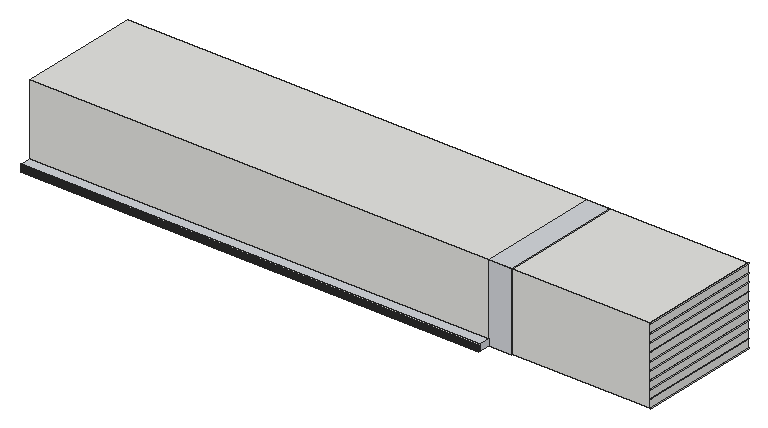
Revit family "НЕВАТОМ_Завеса РVZ-1-800х500-3", category Оборудование, Revit 2017
Family settings
  Размер круглого соединителя = Использовать диаметр
  Тип детали = Нормальный
  На основе рабочей плоскости = Да
  Всегда вертикально = Нет
  При загрузке вырезать с полостями = Нет
  Общий = Нет
  Точка расчета площади = Нет
Parameters (values of type "Завеса PVZ")
  Default Elevation = 1219.2 mm
  Наименование = "НЕВАТОМ_Завеса_Наименование"  # constant formula
  Габариты = "НЕВАТОМ_Завеса_Габариты"  # constant formula
  B = 500 mm
  А [instance] = 800 mm
  l = 150 mm
  b = 500 mm
  a = 800 mm
  L2 = 1050 mm
  L1 [instance] = 3000 mm  # constant formula
  ADSK_Расход воздуха = 6500.0 m³/h
  ADSK_Примечание = ""
  ADSK_Наименование = size_lookup(Наименование, "", "Завеса PVZ-1-600*300-3", ADSK_Расход воздуха)  # "Завеса PVZ-1-800*500-3"
  ADSK_Материал обозначение = "материал корпуса"
  ADSK_Марка = ADSK_Наименование  # "Завеса PVZ-1-800*500-3"
  ADSK_Количество = 1  # constant formula
  ADSK_Код изделия = ""
  ADSK_Завод-изготовитель = "НЕВАТОМ"  # constant formula
  ADSK_Единица измерения = "шт."
Reference planes
  plane 1 "По центру (Вперед/Назад)": y = 0
  plane 2: z = 0
  plane 3 "По центру (Влево/Вправо)": x = 0
  plane 4: y = 400
  plane 5: y = -400
  plane 6: y = 400
  plane 7: y = -400
  plane 8: z = 250
  plane 9: z = -250
  plane 10: z = -250
  plane 11: z = 250
  plane 12: x = -3000
  plane 13: x = 150
  plane 14: x = 1050
Forms (mm)
  Extrusion 1, solid
    sketch origin (0, 0, 0) x (0, 1, 0) y (0, 0, 1)
      loop
        line (400, 250) -> (-400, 250) -> (-400, -250) -> (400, -250) -> (400, 250)
    from 0 to 150
  Extrusion 2, solid, material "Сталь ASTM A441"
    sketch origin (0, 0, 0) x (0, 1, 0) y (0, 0, 1)
      loop
        line (400, 250) -> (-400, 250) -> (-400, -250) -> (400, -250) -> (400, 250)
    from -3000 to 1050
  Extrusion 3, solid
    sketch origin (0, 0, 0) x (1, 0, 0) y (0, 1, 0)
      loop
        line (-3000, -400) -> (-3000, -480) -> (0, -480) -> (0, -400) -> (-3000, -400)
    from -250 to -210.097
Dimensions and locks
  "L1": plane 12 to plane 3 "По центру (Влево/Вправо)"
  "L2": plane 3 "По центру (Влево/Вправо)" to plane 14
  equal spacing: plane 4, plane 1 "По центру (Вперед/Назад)", plane 5
  "a": plane 4 to plane 5
  equal spacing: plane 11, level, plane 10
  "b": plane 11 to plane 10
  equal spacing: plane 6, plane 1 "По центру (Вперед/Назад)", plane 7
  equal spacing: plane 8, level, plane 9
  "B": plane 8 to plane 9
  "А": plane 6 to plane 7
  "L1": plane 3 "По центру (Влево/Вправо)" to plane 12
  "L2": plane 14 to plane 3 "По центру (Влево/Вправо)"
  "l": plane 13 to plane 3 "По центру (Влево/Вправо)"
  "l": plane 3 "По центру (Влево/Вправо)" to plane 13
  equal spacing: group 2, group 10, group 9, group 8, group 7, group 6, group 5, group 4, group 3, group 1
  equal spacing: group 1, group 4, group 5, group 6, group 7, group 8, group 9, group 3, group 10, group 2
  equal spacing: group 1, group 3, group 4, group 5, group 6, group 7, group 8, group 9, group 10, group 2
  Extrusion 3 to Extrusion 3 = 39.903 mm
  locked: Extrusion 3 to Extrusion 3 at 39.903
  aligned and locked: level to plane 2
  aligned and locked: plane 5 to Extrusion 1 sketch curve
  aligned and locked: Extrusion 1 sketch curve to plane 4
  aligned and locked: Extrusion 1 to plane 3 "По центру (Влево/Вправо)"
  aligned and locked: plane 13 to Extrusion 1
  aligned and locked: plane 4 to Extrusion 1
  aligned and locked: Extrusion 1 to plane 10  (x2)
  aligned and locked: Extrusion 2 to plane 7
  aligned and locked: Extrusion 2 to plane 9
  aligned and locked: plane 8 to Extrusion 2
  aligned and locked: plane 11 to Extrusion 1
  aligned and locked: Extrusion 2 to plane 12
  aligned and locked: plane 14 to Extrusion 2
  aligned and locked: nested 1 to plane 7
  aligned and locked: plane 6 to nested 1
  aligned and locked: nested 1 to plane 10
  aligned and locked: nested 2 to plane 7
  aligned and locked: nested 10 to plane 7
  aligned and locked: nested 3 to plane 7
  aligned and locked: plane 11 to nested 2
  aligned and locked: nested 2 to plane 14
  aligned and locked: nested 10 to plane 14
  aligned and locked: Extrusion 3 to plane 10
Automatic sketch dimensions
  Extrusion 1 sketch curve to plane 11 = 0 mm
  plane 10 to Extrusion 1 sketch curve = 0 mm
  plane 11 to Extrusion 2 sketch curve = 0 mm
  Extrusion 2 sketch curve to plane 9 = 0 mm
  Extrusion 2 sketch curve to plane 6 = 0 mm
  plane 7 to Extrusion 2 sketch curve = 0 mm
  Extrusion 3 sketch curve to plane 12 = 0 mm
  Extrusion 3 sketch curve to plane 3 "По центру (Влево/Вправо)" = 0 mm
  Extrusion 3 sketch curve to plane 5 = 0 mm
  Extrusion 3 sketch curve to plane 5 = 80 mm
Nested families
  nested 1: "НЕВАТОМ_Решетка горизонт, версия 1" at (1050, 0, -247.5) x (0, -1, 0) z (0, 0, 1), толщина решетки <- "А", type "НЕВАТОМ_Решетка горизонт, версия 1"
    with ширина решетки 5 mm, толщина решетки 800 mm
  nested 2: "НЕВАТОМ_Решетка горизонт, версия 1" at (1050, 0, 247.5) x (0, -1, 0) z (0, 0, 1), толщина решетки <- "А", type "НЕВАТОМ_Решетка горизонт, версия 1"
    with ширина решетки 5 mm, толщина решетки 800 mm
  nested 3: "НЕВАТОМ_Решетка горизонт, версия 1" at (1050, 0, -192.5) x (0, -1, 0) z (0, 0, 1), толщина решетки <- "А", type "НЕВАТОМ_Решетка горизонт, версия 1"
    with ширина решетки 5 mm, толщина решетки 800 mm
  nested 4: "НЕВАТОМ_Решетка горизонт, версия 1" at (1050, 0, -137.5) x (0, -1, 0) z (0, 0, 1), толщина решетки <- "А", type "НЕВАТОМ_Решетка горизонт, версия 1"
    with ширина решетки 5 mm, толщина решетки 800 mm
  nested 5: "НЕВАТОМ_Решетка горизонт, версия 1" at (1050, 0, -82.5) x (0, -1, 0) z (0, 0, 1), толщина решетки <- "А", type "НЕВАТОМ_Решетка горизонт, версия 1"
    with ширина решетки 5 mm, толщина решетки 800 mm
  nested 6: "НЕВАТОМ_Решетка горизонт, версия 1" at (1050, 0, -27.5) x (0, -1, 0) z (0, 0, 1), толщина решетки <- "А", type "НЕВАТОМ_Решетка горизонт, версия 1"
    with ширина решетки 5 mm, толщина решетки 800 mm
  nested 7: "НЕВАТОМ_Решетка горизонт, версия 1" at (1050, 0, 27.5) x (0, -1, 0) z (0, 0, 1), толщина решетки <- "А", type "НЕВАТОМ_Решетка горизонт, версия 1"
    with ширина решетки 5 mm, толщина решетки 800 mm
  nested 8: "НЕВАТОМ_Решетка горизонт, версия 1" at (1050, 0, 82.5) x (0, -1, 0) z (0, 0, 1), толщина решетки <- "А", type "НЕВАТОМ_Решетка горизонт, версия 1"
    with ширина решетки 5 mm, толщина решетки 800 mm
  nested 9: "НЕВАТОМ_Решетка горизонт, версия 1" at (1050, 0, 137.5) x (0, -1, 0) z (0, 0, 1), толщина решетки <- "А", type "НЕВАТОМ_Решетка горизонт, версия 1"
    with ширина решетки 5 mm, толщина решетки 800 mm
  nested 10: "НЕВАТОМ_Решетка горизонт, версия 1" at (1050, 0, 192.5) x (0, -1, 0) z (0, 0, 1), толщина решетки <- "А", type "НЕВАТОМ_Решетка горизонт, версия 1"
    with ширина решетки 5 mm, толщина решетки 800 mm
  nested 11: "НЕВАТОМ_Решетка горизонт, версия 1" at (-1500, -480, -247.5), толщина решетки <- "L1", type "НЕВАТОМ_Решетка горизонт, версия 1"
    with ширина решетки 5 mm, толщина решетки 3000 mm
  nested 12: "НЕВАТОМ_Решетка горизонт, версия 1" at (-1500, -480, -247.5), толщина решетки <- "L1", type "НЕВАТОМ_Решетка горизонт, версия 1"
    with ширина решетки 5 mm, толщина решетки 3000 mm
  nested 13: "НЕВАТОМ_Решетка горизонт, версия 1" at (-1500, -480, -247.5), толщина решетки <- "L1", type "НЕВАТОМ_Решетка горизонт, версия 1"
    with ширина решетки 5 mm, толщина решетки 3000 mm
  nested 14: "НЕВАТОМ_Решетка горизонт, версия 1" at (-1500, -480, -247.5), толщина решетки <- "L1", type "НЕВАТОМ_Решетка горизонт, версия 1"
    with ширина решетки 5 mm, толщина решетки 3000 mm
  nested 15: "НЕВАТОМ_Решетка горизонт, версия 1" at (-1500, -480, -247.5), толщина решетки <- "L1", type "НЕВАТОМ_Решетка горизонт, версия 1"
    with ширина решетки 5 mm, толщина решетки 3000 mm
  nested 16: "НЕВАТОМ_Решетка горизонт, версия 1" at (-1500, -480, -247.5), толщина решетки <- "L1", type "НЕВАТОМ_Решетка горизонт, версия 1"
    with ширина решетки 5 mm, толщина решетки 3000 mm
  nested 17: "НЕВАТОМ_Решетка горизонт, версия 1" at (-1500, -480, -247.5), толщина решетки <- "L1", type "НЕВАТОМ_Решетка горизонт, версия 1"
    with ширина решетки 5 mm, толщина решетки 3000 mm
  nested 18: "НЕВАТОМ_Решетка горизонт, версия 1" at (-1500, -480, -247.5), толщина решетки <- "L1", type "НЕВАТОМ_Решетка горизонт, версия 1"
    with ширина решетки 5 mm, толщина решетки 3000 mm
  nested 19: "НЕВАТОМ_Решетка горизонт, версия 1" at (-1500, -480, -247.5), толщина решетки <- "L1", type "НЕВАТОМ_Решетка горизонт, версия 1"
    with ширина решетки 5 mm, толщина решетки 3000 mm
  nested 20: "НЕВАТОМ_Решетка горизонт, версия 1" at (-1500, -480, -247.5), толщина решетки <- "L1", type "НЕВАТОМ_Решетка горизонт, версия 1"
    with ширина решетки 5 mm, толщина решетки 3000 mm
  nested 21: "НЕВАТОМ_Решетка горизонт, версия 1" at (-1500, -480, -243.622), толщина решетки <- "L1", type "НЕВАТОМ_Решетка горизонт, версия 1"
    with ширина решетки 5 mm, толщина решетки 3000 mm
  nested 22: "НЕВАТОМ_Решетка горизонт, версия 1" at (-1500, -480, -239.744), толщина решетки <- "L1", type "НЕВАТОМ_Решетка горизонт, версия 1"
    with ширина решетки 5 mm, толщина решетки 3000 mm
  nested 23: "НЕВАТОМ_Решетка горизонт, версия 1" at (-1500, -480, -235.866), толщина решетки <- "L1", type "НЕВАТОМ_Решетка горизонт, версия 1"
    with ширина решетки 5 mm, толщина решетки 3000 mm
  nested 24: "НЕВАТОМ_Решетка горизонт, версия 1" at (-1500, -480, -231.988), толщина решетки <- "L1", type "НЕВАТОМ_Решетка горизонт, версия 1"
    with ширина решетки 5 mm, толщина решетки 3000 mm
  nested 25: "НЕВАТОМ_Решетка горизонт, версия 1" at (-1500, -480, -228.109), толщина решетки <- "L1", type "НЕВАТОМ_Решетка горизонт, версия 1"
    with ширина решетки 5 mm, толщина решетки 3000 mm
  nested 26: "НЕВАТОМ_Решетка горизонт, версия 1" at (-1500, -480, -224.231), толщина решетки <- "L1", type "НЕВАТОМ_Решетка горизонт, версия 1"
    with ширина решетки 5 mm, толщина решетки 3000 mm
  nested 27: "НЕВАТОМ_Решетка горизонт, версия 1" at (-1500, -480, -220.353), толщина решетки <- "L1", type "НЕВАТОМ_Решетка горизонт, версия 1"
    with ширина решетки 5 mm, толщина решетки 3000 mm
  nested 28: "НЕВАТОМ_Решетка горизонт, версия 1" at (-1500, -480, -216.475), толщина решетки <- "L1", type "НЕВАТОМ_Решетка горизонт, версия 1"
    with ширина решетки 5 mm, толщина решетки 3000 mm
  nested 29: "НЕВАТОМ_Решетка горизонт, версия 1" at (-1500, -480, -212.597), толщина решетки <- "L1", type "НЕВАТОМ_Решетка горизонт, версия 1"
    with ширина решетки 5 mm, толщина решетки 3000 mm
Connectors
  electrical at (-3000, 0, 0)
    settings: on Extrusion 2, index 1, voltage 0 V, apparent load 0 VA, apparent load phase1 0 VA, apparent load phase2 0 VA, apparent load phase3 0 VA, power factor 1, load classification "Прочее", number of poles 1, system type 31, power factor state 1, is connector primary yes, connector utility no, sub classification motor no, connector description ""
Definition of nested family "НЕВАТОМ_Решетка горизонт, версия 1"
  Parameters (values of type "НЕВАТОМ_Решетка горизонт, версия 1")
    ширина решетки [instance] = 5 mm
    толщина решетки [instance] = 140 mm
    длина решетки = 5 mm
  Reference planes
    plane 1 "По центру (Вперед/Назад)": y = 0
    plane 2: z = 0
    plane 3 "По центру (Влево/Вправо)": x = 0
    plane 4: x = -70
    plane 5: x = 70
    plane 6: z = 2.5
    plane 7: z = -2.5
    plane 8: y = 5
  Forms (mm)
    Extrusion 1, solid
      sketch origin (0, 0, 0) x (1, 0, 0) y (0, 0, 1)
        loop
          line (-70, 2.5) -> (-70, -2.5) -> (70, -2.5) -> (70, 2.5) -> (-70, 2.5)
      from 0 to -5
  Dimensions and locks
    equal spacing: plane 5, plane 3 "По центру (Влево/Вправо)", plane 4
    equal spacing: plane 6, level, plane 7
    "длина решетки": plane 6 to plane 7
    "толщина решетки": plane 5 to plane 4
    "ширина решетки": plane 1 "По центру (Вперед/Назад)" to plane 8
    aligned and locked: level to plane 2
    aligned and locked: Extrusion 1 sketch curve to plane 6
    aligned and locked: plane 7 to Extrusion 1 sketch curve
    aligned and locked: plane 4 to Extrusion 1 sketch curve
    aligned and locked: Extrusion 1 sketch curve to plane 5
    aligned and locked: plane 8 to Extrusion 1
